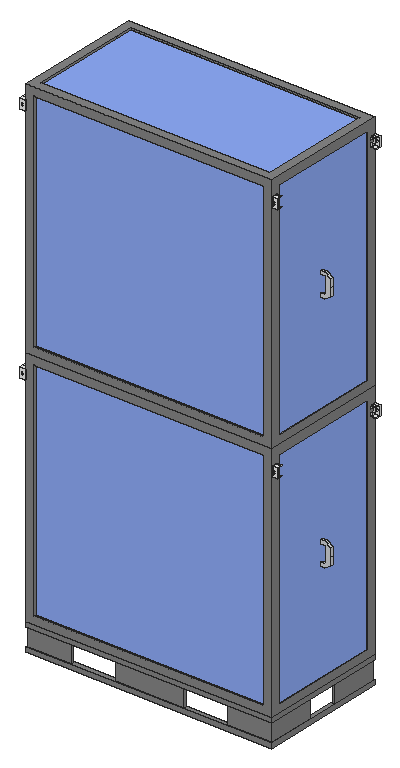
Revit family "14.1 Секция смешения двухэтажная ANR S2", category Оборудование, Revit 2016
Family settings
  Тип детали = Нормальный
  Размер круглого соединителя = Использовать диаметр
  На основе рабочей плоскости = Нет
  Всегда вертикально = Да
  При загрузке вырезать с полостями = Нет
  Общий = Нет
  Точка расчета площади = Нет
Parameters (values of type "ANR 6 S2")
  центр = Середина / 2  # 538.25 mm
  Ширина = А1 - 56 mm  # 1024 mm
  Синий = Синий
  Середина = Б / 2  # 1076.5 mm
  Д1 = Д - 20 mm  # 555 mm
  Д = 575 mm
  ножки(да/нет) [instance] = no
  Высота = Б1 - 56 mm  # 1000.5 mm
  Б1 = Середина - 20 mm  # 1056.5 mm
  А1 = А - 20 mm  # 1080 mm
  А = 1100 mm
  высота ножек = 120 mm
  Б = 2153 mm
  Частотный преобразователь [instance] = no
  Частота вращения n, об/мин = ""
  Тип, марка, обозначение = "ANR 6 S2"
  Сила тока J, А = ""
  Регулятор расхода [instance] = no
  Раздел = "ОВ"
  Примечание = ""
  Позиция = ""
  Напряжение U,В = ""
  Наименование и тех.хар-ка = "Секция смешения двухэтажная"  # constant formula
  Мощность двигателя N,Вт = ""
  Материал = Сталь серая
  Масса единицы = ""
  Код, оборудования = ""
  Ключевая пометка = "Вентиляция"
  Задание электрикам [instance] = no
  Задание автоматчикам [instance] = no
  Завод изготовитель = "KORF"  # constant formula
  Единица измерения = "шт."  # constant formula
  h = высота ножек + 10 mm  # 130 mm
Types (6, lengths in mm): name | центр | Ширина | Середина | Д1 | Д | Высота | Б1 | А1 | А | Б | Тип, марка, обозначение
  ANR 6 S2 | 538.25 | 1024 | 1076.5 | 555 | 575 | 1000.5 | 1056.5 | 1080 | 1100 | 2153 | "ANR 6 S2"
  ANR 7 S2 | 648.25 | 1024 | 1296.5 | 555 | 575 | 1220.5 | 1276.5 | 1080 | 1100 | 2593 | "ANR 7 S2"
  ANR 8 S2 | 648.25 | 1244 | 1296.5 | 555 | 575 | 1220.5 | 1276.5 | 1300 | 1320 | 2593 | "ANR 8 S2"
  ANR 12 S2 | 705.75 | 1359 | 1411.5 | 1080 | 1100 | 1335.5 | 1391.5 | 1415 | 1435 | 2823 | "ANR 12 S2"
  ANR 20 S2 | 818.25 | 1584 | 1636.5 | 1080 | 1100 | 1560.5 | 1616.5 | 1640 | 1660 | 3273 | "ANR 20 S2"
  ANR 25 S2 | 1010.75 | 1969 | 2021.5 | 1080 | 1100 | 1945.5 | 2001.5 | 2025 | 2045 | 4043 | "ANR 25 S2"
Reference planes
  plane 1 "По центру (Вперед/Назад)": y = 0
  plane 2: z = 0
  plane 3 "По центру (Влево/Вправо)": x = 0
  plane 4: x = -540
  plane 5: x = 540
  plane 6: y = 277.5
  plane 7: y = -277.5
  plane 8: z = 1186.5
  plane 9: z = 130
  plane 10: y = -70.418
  plane 11: z = 1196.5
  plane 12: x = 590
  plane 13: y = 70.418
  plane 14: z = 120
  plane 15: z = 1086.5
  plane 16: z = 2273
  plane 17: z = 658.25
  plane 18: z = 605.22
  plane 19: z = 2263
  plane 20: z = 1206.5
  plane 21: z = 2163
  plane 22: z = 1734.75
  plane 23: z = 1681.75
Forms (mm)
  Extrusion 1, solid, material "Синий" <- "Синий", detail levels fine
    sketch origin (0, 0, 50) x (1, 0, 0) y (0, 1, 0)
      loop
        line (-540, 277.5) -> (-540, -277.5) -> (540, -277.5) -> (540, 277.5) -> (-540, 277.5)
    from 80 to 1136.5
  Sweep 2, solid, material "Сталь серая" <- "Материал", detail levels fine
    path origin (540, -277.5, 50) x (-1, 0, 0) y (0, 0, -1)
      loop
        line (0, -1136.5) -> (1080, -1136.5) -> (1080, -80) -> (0, -80) -> (0, -1136.5)
    profile "Профиль уголок 10х10 : Профиль уголок 10х10" origin (0, -277.5, 1186.5) x (0, 0, -1) y (0, -1, 0)
      loop
        line (0, -27.5) -> (0, 0) -> (27.5, 0) -> (27.5, 10) -> (-10, 10) -> (-10, -27.5) -> (0, -27.5)
  Sweep 3, solid, material "Сталь серая" <- "Материал", detail levels fine
    path origin (-540, 277.5, 50) x (1, 0, 0) y (0, 0, -1)
      loop
        line (0, -1136.5) -> (1080, -1136.5) -> (1080, -80) -> (0, -80) -> (0, -1136.5)
    profile "Профиль уголок 10х10 : Профиль уголок 10х10" origin (0, 277.5, 1186.5) x (0, 0, -1) y (0, 1, 0)
      loop
        line (0, -27.5) -> (0, 0) -> (27.5, 0) -> (27.5, 10) -> (-10, 10) -> (-10, -27.5) -> (0, -27.5)
  Sweep 4, solid, material "Сталь серая" <- "Материал", detail levels fine
    path origin (540, 277.5, 50) x (0, -1, 0) y (0, 0, -1)
      loop
        line (0, -1136.5) -> (555, -1136.5) -> (555, -80) -> (0, -80) -> (0, -1136.5)
    profile "Профиль уголок 10х10 : Профиль уголок 10х10" origin (540, 0, 1186.5) x (0, 0, -1) y (1, 0, 0)
      loop
        line (0, -27.5) -> (0, 0) -> (27.5, 0) -> (27.5, 10) -> (-10, 10) -> (-10, -27.5) -> (0, -27.5)
  Sweep 5, solid, material "Сталь серая" <- "Материал", detail levels fine
    path origin (-540, -277.5, 50) x (0, 1, 0) y (0, 0, -1)
      loop
        line (0, -1136.5) -> (555, -1136.5) -> (555, -80) -> (0, -80) -> (0, -1136.5)
    profile "Профиль уголок 10х10 : Профиль уголок 10х10" origin (-540, 0, 1186.5) x (0, 0, -1) y (-1, 0, 0)
      loop
        line (0, -27.5) -> (0, 0) -> (27.5, 0) -> (27.5, 10) -> (-10, 10) -> (-10, -27.5) -> (0, -27.5)
  Extrusion 6, void, not visible
    sketch origin (-345, -245, 50) x (0, -1, 0) y (0, 0, -1)
      loop
        line (-477.965, -475) -> (-477.965, -450) -> (-528.913, -450) -> (-528.913, -475) -> (-477.965, -475)
    from -47.452 to 12
  Sweep 7, solid, material "Сталь серая" <- "Материал", detail levels fine
    path origin (0, 0, 0) x (1, 0, 0) y (0, 1, 0)
      loop
        line (-540, 277.5) -> (-540, -277.5) -> (540, -277.5) -> (540, 277.5) -> (-540, 277.5)
    profile "Семейство1 : Семейство1" origin (0, 277.5, 0) x (0, 1, 0) y (0, 0, 1)
      loop
        line (-10, 120) -> (-10, 100) -> (-3.38, 100) -> (-3.38, 20) -> (-10, 20) -> (-10, 0) -> (10, 0) -> (10, 20) -> (3.38, 20) -> (3.38, 100) -> (10, 100) -> (10, 120) -> (-10, 120)
  Extrusion 8, void
    sketch origin (0, 0, 0) x (1, 0, 0) y (0, 0, 1)
      loop
        line (152.369, 100) -> (152.369, 20) -> (348.798, 20) -> (348.798, 100) -> (152.369, 100)
      loop
        line (-152.369, 100) -> (-348.798, 100) -> (-348.798, 20) -> (-152.369, 20) -> (-152.369, 100)
    from -287.5 to 287.5
  Extrusion 9, void
    sketch origin (0, 0, 0) x (0, 1, 0) y (0, 0, 1)
      loop
        line (-70.418, 100) -> (-70.418, 20) -> (70.418, 20) -> (70.418, 100) -> (-70.418, 100)
    from -550 to 1700
  Extrusion 10, solid, material "Синий" <- "Синий", detail levels fine
    sketch origin (0, 0, 1130) x (1, 0, 0) y (0, 1, 0)
      loop
        line (-540, 277.5) -> (-540, -277.5) -> (540, -277.5) -> (540, 277.5) -> (-540, 277.5)
    from 76.5 to 1133
  Sweep 11, solid, material "Сталь серая" <- "Материал", detail levels fine
    path origin (540, -277.5, 1130) x (-1, 0, 0) y (0, 0, -1)
      loop
        line (0, -1133) -> (1080, -1133) -> (1080, -76.5) -> (0, -76.5) -> (0, -1133)
    profile "Профиль уголок 10х10 : Профиль уголок 10х10" origin (0, -277.5, 2263) x (0, 0, -1) y (0, -1, 0)
      loop
        line (0, -27.5) -> (0, 0) -> (27.5, 0) -> (27.5, 10) -> (-10, 10) -> (-10, -27.5) -> (0, -27.5)
  Sweep 12, solid, material "Сталь серая" <- "Материал", detail levels fine
    path origin (-540, 277.5, 1130) x (1, 0, 0) y (0, 0, -1)
      loop
        line (0, -1133) -> (1080, -1133) -> (1080, -76.5) -> (0, -76.5) -> (0, -1133)
    profile "Профиль уголок 10х10 : Профиль уголок 10х10" origin (0, 277.5, 2263) x (0, 0, -1) y (0, 1, 0)
      loop
        line (0, -27.5) -> (0, 0) -> (27.5, 0) -> (27.5, 10) -> (-10, 10) -> (-10, -27.5) -> (0, -27.5)
  Sweep 13, solid, material "Сталь серая" <- "Материал", detail levels fine
    path origin (540, 277.5, 1130) x (0, -1, 0) y (0, 0, -1)
      loop
        line (0, -1133) -> (555, -1133) -> (555, -76.5) -> (0, -76.5) -> (0, -1133)
    profile "Профиль уголок 10х10 : Профиль уголок 10х10" origin (540, 0, 2263) x (0, 0, -1) y (1, 0, 0)
      loop
        line (0, -27.5) -> (0, 0) -> (27.5, 0) -> (27.5, 10) -> (-10, 10) -> (-10, -27.5) -> (0, -27.5)
  Sweep 14, solid, material "Сталь серая" <- "Материал", detail levels fine
    path origin (-540, -277.5, 1130) x (0, 1, 0) y (0, 0, -1)
      loop
        line (0, -1133) -> (555, -1133) -> (555, -76.5) -> (0, -76.5) -> (0, -1133)
    profile "Профиль уголок 10х10 : Профиль уголок 10х10" origin (-540, 0, 2263) x (0, 0, -1) y (-1, 0, 0)
      loop
        line (0, -27.5) -> (0, 0) -> (27.5, 0) -> (27.5, 10) -> (-10, 10) -> (-10, -27.5) -> (0, -27.5)
Cuts and joins
  joined: Sweep 2, Sweep 3, Sweep 4, Sweep 5
  Extrusion 8, Extrusion 9 cuts Sweep 7
  joined: Sweep 11, Sweep 12, Sweep 13, Sweep 14
Lines and regions (mm)
  model lines, detail levels coarse
    curve 1: line (-550, 287.5, 0) -> (550, 287.5, 0)
    curve 2: line (-550, -287.5, 0) -> (-550, 287.5, 0)
    curve 3: line (550, -287.5, 0) -> (-550, -287.5, 0)
    curve 4: line (550, 287.5, 0) -> (550, -287.5, 0)
  model lines, detail levels medium
    curve 5: line (0, 287.5, 2273) -> (0, -287.5, 2273)
    curve 6: line (0, 287.5, 1196.5) -> (0, 287.5, 2273)
    curve 7: line (0, -287.5, 1196.5) -> (0, 287.5, 1196.5)
    curve 8: line (0, -287.5, 2273) -> (0, -287.5, 1196.5)
    curve 9: line (0, 287.5, 1196.5) -> (0, -287.5, 1196.5)
    curve 10: line (0, 287.5, 120) -> (0, 287.5, 1196.5)
    curve 11: line (0, -287.5, 120) -> (0, 287.5, 120)
    curve 12: line (0, -287.5, 1196.5) -> (0, -287.5, 120)
Dimensions and locks
  equal spacing: plane 6, plane 1 "По центру (Вперед/Назад)", plane 7
  "Д1": plane 6 to plane 7
  equal spacing: plane 4, plane 3 "По центру (Влево/Вправо)", plane 5
  "А1": plane 4 to plane 5
  "h": plane 9 to level
  cut or joined group of Sweep 2, Sweep 3, Sweep 4, Sweep 5 to level = 120 mm
  locked: plane 3 "По центру (Влево/Вправо)" to cut or joined group of Sweep 7, Extrusion 8, Extrusion 9 at 152.369
  locked: cut or joined group of Sweep 7, Extrusion 8, Extrusion 9 to plane 3 "По центру (Влево/Вправо)" at 152.369
  locked: plane 12 to plane 5 at 50
  plane 1 "По центру (Вперед/Назад)" to plane 7 = 277.5 mm
  plane 6 to plane 1 "По центру (Вперед/Назад)" = 277.5 mm
  equal spacing: plane 10, plane 1 "По центру (Вперед/Назад)", plane 13, locked at 70.418 each
  locked: plane 9 to plane 14 at 10
  "Б1": plane 8 to plane 9
  locked: plane 8 to plane 15 at 100
  "Б": plane 16 to plane 14
  "Середина": plane 11 to plane 14
  "центр": plane 17 to plane 14
  locked: plane 17 to plane 18 at 53.03
  "Б1": plane 19 to plane 20
  locked: plane 19 to plane 21 at 100
  locked: plane 20 to plane 8 at 20
  "центр": plane 22 to plane 11
  locked: plane 22 to plane 23 at 53
  cut or joined group of Sweep 11, Sweep 12, Sweep 13, Sweep 14 to Extrusion 10 = 27.5 mm
  aligned and locked: level to plane 2
  aligned and locked: plane 6 to Extrusion 1
  aligned and locked: plane 5 to Extrusion 1
  aligned and locked: Extrusion 1 to plane 7
  aligned and locked: Extrusion 1 to plane 4
  aligned and locked: plane 8 to Extrusion 1
  aligned and locked: Extrusion 1 to plane 9
  aligned and locked: Sweep 4 sketch curve to Extrusion 1  (x2)
  aligned and locked: Sweep 5 sketch curve to Extrusion 1  (x2)
  aligned and locked: Sweep 7 sketch curve to Extrusion 1  (x4)
  aligned and locked: Sweep 7 to Extrusion 8  (x2)
  aligned and locked: cut or joined group of Sweep 2, Sweep 3, Sweep 4, Sweep 5 to Extrusion 9
  aligned and locked: nested 3 to cut or joined group of Sweep 2, Sweep 3, Sweep 4, Sweep 5  (x2)
  aligned and locked: cut or joined group of Sweep 2, Sweep 3, Sweep 4, Sweep 5 to nested 4  (x2)
  aligned and locked: cut or joined group of Sweep 2, Sweep 3, Sweep 4, Sweep 5 to nested 3
  aligned and locked: cut or joined group of Sweep 2, Sweep 3, Sweep 4, Sweep 5 to nested 6
  aligned and locked: nested 5 to cut or joined group of Sweep 2, Sweep 3, Sweep 4, Sweep 5
  aligned and locked: nested 2 to plane 12
  aligned and locked: nested 6 to cut or joined group of Sweep 2, Sweep 3, Sweep 4, Sweep 5
  aligned and locked: cut or joined group of Sweep 2, Sweep 3, Sweep 4, Sweep 5 to nested 5
  aligned and locked: plane 1 "По центру (Вперед/Назад)" to nested 2
  aligned and locked: plane 10 to Extrusion 9 sketch curve
  aligned and locked: plane 13 to Extrusion 9 sketch curve
  aligned and locked: plane 15 to nested 5
  aligned and locked: nested 6 to plane 15
  aligned and locked: nested 3 to plane 15
  aligned and locked: plane 15 to nested 4
  aligned and locked: plane 18 to nested 2
  aligned and locked: plane 19 to Extrusion 10
  aligned and locked: Extrusion 10 to plane 20
  aligned and locked: Sweep 13 sketch curve to Extrusion 10  (x2)
  aligned and locked: Sweep 14 sketch curve to Extrusion 10  (x2)
  aligned and locked: plane 21 to nested 10
  aligned and locked: nested 11 to plane 21
  aligned and locked: nested 8 to plane 21
  aligned and locked: plane 21 to nested 9
  aligned and locked: nested 7 to plane 12
  aligned and locked: plane 23 to nested 7
  aligned and locked: nested 11 to cut or joined group of Sweep 11, Sweep 12, Sweep 13, Sweep 14  (x2)
  aligned and locked: cut or joined group of Sweep 11, Sweep 12, Sweep 13, Sweep 14 to nested 10  (x2)
  aligned and locked: nested 8 to cut or joined group of Sweep 11, Sweep 12, Sweep 13, Sweep 14  (x2)
  aligned and locked: cut or joined group of Sweep 11, Sweep 12, Sweep 13, Sweep 14 to nested 9  (x2)
  aligned and locked: curve 1 to cut or joined group of Sweep 2, Sweep 3, Sweep 4, Sweep 5
  aligned and locked: curve 2 to cut or joined group of Sweep 2, Sweep 3, Sweep 4, Sweep 5
  aligned and locked: curve 3 to cut or joined group of Sweep 7, Extrusion 8, Extrusion 9
  aligned and locked: curve 4 to cut or joined group of Sweep 2, Sweep 3, Sweep 4, Sweep 5
  aligned and locked: curve 5 to cut or joined group of Sweep 11, Sweep 12, Sweep 13, Sweep 14
  aligned and locked: curve 6 to cut or joined group of Sweep 11, Sweep 12, Sweep 13, Sweep 14
  aligned and locked: curve 7 to cut or joined group of Sweep 2, Sweep 3, Sweep 4, Sweep 5
  aligned and locked: curve 8 to cut or joined group of Sweep 2, Sweep 3, Sweep 4, Sweep 5
  aligned and locked: curve 9 to curve 7
  aligned and locked: curve 10 to curve 6
  aligned and locked: curve 11 to cut or joined group of Sweep 2, Sweep 3, Sweep 4, Sweep 5
  aligned and locked: curve 12 to cut or joined group of Sweep 2, Sweep 3, Sweep 4, Sweep 5
Automatic sketch dimensions
  Extrusion 6 sketch curve to Extrusion 6 sketch curve = 50.949 mm
  Extrusion 6 sketch curve to Extrusion 6 sketch curve = 25 mm
  Extrusion 1 sketch curve to plane 4 = 0 mm
  Extrusion 1 sketch curve to plane 5 = 0 mm
  Extrusion 1 sketch curve to plane 7 = 0 mm
  Extrusion 1 sketch curve to plane 6 = 0 mm
  Sweep 2 sketch curve to Extrusion 1 = 0 mm  (x4)
  Sweep 3 sketch curve to Extrusion 1 = 0 mm  (x3)
  Extrusion 1 to Sweep 3 sketch curve = 0 mm
  Sweep 4 sketch curve to Extrusion 1 = 0 mm  (x2)
  Sweep 5 sketch curve to Extrusion 1 = 0 mm  (x2)
  plane 14 to Extrusion 8 sketch curve = 20 mm  (x2)
  plane 4 to Extrusion 8 sketch curve = 191.202 mm
  level to Extrusion 8 sketch curve = 20 mm  (x2)
  Extrusion 8 sketch curve to plane 3 "По центру (Влево/Вправо)" = 152.369 mm
  plane 3 "По центру (Влево/Вправо)" to Extrusion 8 sketch curve = 152.369 mm
  Extrusion 8 sketch curve to plane 5 = 191.202 mm
  level to Extrusion 9 sketch curve = 20 mm
  plane 14 to Extrusion 9 sketch curve = 20 mm
  Extrusion 10 sketch curve to plane 4 = 0 mm
  Extrusion 10 sketch curve to plane 5 = 0 mm
  Extrusion 10 sketch curve to plane 7 = 0 mm
  Extrusion 10 sketch curve to plane 6 = 0 mm
  Sweep 11 sketch curve to Extrusion 10 = 0 mm  (x4)
  Sweep 12 sketch curve to Extrusion 10 = 0 mm  (x3)
  Extrusion 10 to Sweep 12 sketch curve = 0 mm
  Sweep 13 sketch curve to Extrusion 10 = 0 mm  (x2)
  Sweep 14 sketch curve to Extrusion 10 = 0 mm  (x2)
Nested families
  nested 1: "крепление 15мм" at (-330, 229.965, 495), type "крепление 15мм", not visible
  nested 2: "Ручка" at (552.018, -10, 662.928), type "Ручка", detail levels fine
  nested 3: "крепеж" at (574.5, -287.5, 1086.5) x (-1, 0, 0) z (0, 0, 1), type "крепеж", detail levels fine
  nested 4: "крепеж" at (574.5, 287.5, 1086.5) x (-1, 0, 0) z (0, 0, 1), type "крепеж", detail levels fine
  nested 5: "крепеж" at (-574.5, -287.5, 1086.5), type "крепеж", detail levels fine
  nested 6: "крепеж" at (-574.5, 287.5, 1086.5), type "крепеж", detail levels fine
  nested 7: "Ручка" at (552.018, -10, 1739.458), type "Ручка", detail levels fine
  nested 8: "крепеж" at (574.5, -287.5, 2163) x (-1, 0, 0) z (0, 0, 1), type "крепеж", detail levels fine
  nested 9: "крепеж" at (574.5, 287.5, 2163) x (-1, 0, 0) z (0, 0, 1), type "крепеж", detail levels fine
  nested 10: "крепеж" at (-574.5, -287.5, 2163), type "крепеж", detail levels fine
  nested 11: "крепеж" at (-574.5, 287.5, 2163), type "крепеж", detail levels fine
Connectors
  hvac at (0, -287.5, 658.25), driven by "Ширина", driven by "Высота"
    settings: on cut or joined group of Sweep 2, Sweep 3, Sweep 4, Sweep 5, index 1, duct flow 0.0 L/s, flow factor 0, pres drop 0.0 Pa, loss coef 0, conn angle 0.00°, conn width 1024 mm, conn height 1000.5 mm, conn diameter 609.6 mm, duct sys type 28, conn prof type 1, flow config 0, flow direction 0, loss method 0, conn ref index -1, conn util no, is conn primary yes, conn desc ""
  hvac at (0, -287.5, 1734.75), driven by "Ширина", driven by "Высота"
    settings: on cut or joined group of Sweep 11, Sweep 12, Sweep 13, Sweep 14, index 2, duct flow 0.0 L/s, flow factor 0, pres drop 0.0 Pa, loss coef 0, conn angle 0.00°, conn width 1024 mm, conn height 1000.5 mm, conn diameter 609.6 mm, duct sys type 28, conn prof type 1, flow config 0, flow direction 0, loss method 0, conn ref index -1, conn util no, is conn primary no, conn desc ""
  hvac at (0, 287.5, 1734.75), driven by "Ширина", driven by "Высота"
    settings: on cut or joined group of Sweep 11, Sweep 12, Sweep 13, Sweep 14, index 3, duct flow 0.0 L/s, flow factor 0, pres drop 0.0 Pa, loss coef 0, conn angle 0.00°, conn width 1024 mm, conn height 1000.5 mm, conn diameter 609.6 mm, duct sys type 28, conn prof type 1, flow config 0, flow direction 0, loss method 0, conn ref index -1, conn util no, is conn primary no, conn desc ""
  hvac at (0, 287.5, 658.25), driven by "Ширина", driven by "Высота"
    settings: on cut or joined group of Sweep 2, Sweep 3, Sweep 4, Sweep 5, index 4, duct flow 0.0 L/s, flow factor 0, pres drop 0.0 Pa, loss coef 0, conn angle 0.00°, conn width 1024 mm, conn height 1000.5 mm, conn diameter 609.6 mm, duct sys type 28, conn prof type 1, flow config 0, flow direction 0, loss method 0, conn ref index -1, conn util no, is conn primary no, conn desc ""
Definition of nested family "крепление 15мм"
  Parameters (values of type "крепление 15мм")
    Материал крепления = none
  Reference planes
    plane 1 "По центру (Вперед/Назад)": y = 0
    plane 2: z = 0
    plane 3 "По центру (Влево/Вправо)": x = 0
  Forms (mm)
    Extrusion 1, solid, material <- "Материал крепления"
      sketch origin (0, 0, 0) x (1, 0, 0) y (0, 1, 0)
        loop
          line (-25, 0) -> (0, 0) -> (0, 18.31) -> (0, 25) -> (-3, 25) -> (-3, 3) -> (-25, 3) -> (-25, 0)
      from 0 to 30
    Extrusion 2, void
      sketch origin (0, 0, 0) x (1, 0, 0) y (0, 1, 0)
        loop
          line (-3, 3) -> (-3, 54.96) -> (-58, 54.96) -> (-58, 3) -> (-3, 3)
      from 0 to 15
  Cuts and joins
    Extrusion 2 cuts Extrusion 1
  Dimensions and locks
    Extrusion 1 sketch curve to Extrusion 1 sketch curve = 3 mm  (x2)
    Extrusion 1 sketch curve to Extrusion 1 sketch curve to plane 3 "По центру (Влево/Вправо)" = 25 mm, 0 mm
    Extrusion 1 sketch curve to Extrusion 1 sketch curve = 25 mm
    aligned and locked: level to plane 2
Definition of nested family "Ручка"
  Parameters (values of type "Ручка")
    материал ручки = none
  Reference planes
    plane 1 "По центру (Вперед/Назад)": y = 0
    plane 2: z = 0
    plane 3 "По центру (Влево/Вправо)": x = 0
    plane 4: x = -37.982
    plane 5: x = 37.982
  Forms (mm)
    Extrusion 1, solid, material <- "материал ручки", not visible
      sketch origin (-3.982, 0, -4.834) x (0, 0, 1) y (-1, 0, 0)
        loop
          line (-52.874, -42.815) -> (53.726, -42.815) -> (53.726, 8.783) -> (36.069, 34) -> (1.069, 34) -> (-36.069, 34) -> (-52.874, 10) -> (-52.874, -42.815)
      from 0 to 10
    Extrusion 2, void, not visible
      sketch origin (-3.982, 0, -4.834) x (0, 0, 1) y (-1, 0, 0)
        loop
          line (-37.219, -42.815) -> (37.781, -42.815) -> (37.781, 20.04) -> (-37.219, 20.04) -> (-37.219, -42.815)
      from 0 to 50
    Extrusion 3, solid, material <- "материал ручки"
      sketch origin (3.982, 0, -4.834) x (0, 0, 1) y (-1, 0, 0)
        loop
          line (-52.874, 42.815) -> (-52.874, -10) -> (-36.069, -34) -> (1.069, -34) -> (36.069, -34) -> (53.726, -8.783) -> (53.726, 42.815) -> (-52.874, 42.815)
      from 0 to 10
    Extrusion 4, void
      sketch origin (3.982, 0, -4.834) x (0, 0, 1) y (-1, 0, 0)
        loop
          line (-37.219, 42.815) -> (-37.219, -11.018) -> (37.781, -11.018) -> (37.781, 42.815) -> (-37.219, 42.815)
      from 0 to 50
  Cuts and joins
    Extrusion 4 cuts Extrusion 3
  Dimensions and locks
    aligned and locked: level to plane 2
Definition of nested family "крепеж"
  Parameters (values of type "крепеж")
    Материал крепежа = none
  Reference planes
    plane 1 "По центру (Вперед/Назад)": y = 0
    plane 2: z = 0
    plane 3 "По центру (Влево/Вправо)": x = 0
    plane 4: x = 24.5
    plane 5: z = 22.413
  Forms (mm)
    Extrusion 1, solid, material <- "Материал крепежа"
      sketch origin (0, 0, 0) x (0, 1, 0) y (0, 0, 1)
        loop
          line (0, 44.825) -> (-16.343, 44.825) -> (-24.468, 44.825) -> (-24.468, 42.95) -> (-1.968, 42.95) -> (-1.968, 1.657) -> (-24.468, 1.657) -> (-24.468, 0) -> (-16.343, 0) -> (0, 0) -> (0, 44.825)
      from 0 to 24.5
    Extrusion 2, void
      sketch origin (0.625, 0, -0.625) x (1, 0, 0) y (0, 0, 1)
        loop
          circle (11.121, 22.873) r 5
      from 0 to 250
    Extrusion 3, solid, material <- "Материал крепежа"
      sketch origin (0, 0, 0.175) x (1, 0, 0) y (0, 0, 1)
        loop
          line (24.5, 44.651) -> (22.651, 44.651) -> (22.651, -0.175) -> (24.5, -0.175) -> (24.5, 44.651)
      from 0 to 24.468
    Extrusion 4, void
      sketch origin (0, 0, 0) x (0, 1, 0) y (0, 0, 1)
        loop
          line (-24.468, 28.943) -> (-24.468, 15.882) -> (-9.468, 15.882) -> (-9.468, 28.943) -> (-24.468, 28.943)
      from 0 to 250
    Blend 5, solid
      base sketch origin (0, 0, 0) x (0, 1, 0) y (0, 0, 1)
        loop
          circle (-15.104, 36.823) r 4.161
      top sketch origin (0, 0, 0) x (0, 1, 0) y (0, 0, 1)
        loop
          circle (-15.104, 36.823) r 2.994
      from 22.651 to 19.241
    Blend 6, solid
      base sketch origin (0, 0, 44.825) x (0, 1, 0) y (0, 0, 1)
        loop
          circle (-15.104, -36.823) r 4.161
      top sketch origin (0, 0, 44.825) x (0, 1, 0) y (0, 0, 1)
        loop
          circle (-15.104, -36.823) r 2.994
      from 22.651 to 19.241
  Cuts and joins
    Extrusion 2, Extrusion 4 cuts Extrusion 1
    Extrusion 4 cuts Extrusion 3
    joined: Extrusion 1, Extrusion 3
  Dimensions and locks
    plane 3 "По центру (Влево/Вправо)" to plane 4 = 24.5 mm
    equal spacing: cut or joined group of Extrusion 1, Extrusion 2, Extrusion 3, Extrusion 4, plane 5, cut or joined group of Extrusion 1, Extrusion 2, Extrusion 3, Extrusion 4
    equal spacing: Extrusion 4 sketch curve, plane 5, Extrusion 4 sketch curve
    aligned and locked: level to plane 2
    aligned and locked: plane 4 to Extrusion 1
    aligned and locked: cut or joined group of Extrusion 1, Extrusion 2, Extrusion 3, Extrusion 4 to cut or joined group of Extrusion 1, Extrusion 2, Extrusion 3, Extrusion 4  (x3)
    aligned and locked: cut or joined group of Extrusion 1, Extrusion 2, Extrusion 3, Extrusion 4 to Blend 5
  Automatic sketch dimensions
    Extrusion 1 sketch curve to level = 0 mm
    Extrusion 1 sketch curve to plane 1 "По центру (Вперед/Назад)" = 0 mm
    plane 1 "По центру (Вперед/Назад)" to Extrusion 1 sketch curve = 1.968 mm
    Extrusion 1 sketch curve to Extrusion 1 sketch curve = 14.375 mm  (x2)
    level to Extrusion 1 sketch curve = 1.657 mm
    Extrusion 1 sketch curve to Extrusion 1 sketch curve = 8.125 mm  (x2)
    plane 5 to Extrusion 1 sketch curve = 20.538 mm
    Extrusion 1 sketch curve to Extrusion 1 sketch curve = 1.875 mm
    Extrusion 2 sketch curve to plane 5 = 0.165 mm
    plane 3 "По центру (Влево/Вправо)" to Extrusion 2 sketch curve = 11.746 mm
    Extrusion 3 sketch curve to level = 0 mm
    Extrusion 3 sketch curve to plane 4 = 0 mm
    Extrusion 3 sketch curve to Extrusion 3 sketch curve = 1.849 mm
    plane 5 to Extrusion 3 sketch curve = 22.413 mm
    Extrusion 4 sketch curve to plane 5 = 6.531 mm
    plane 1 "По центру (Вперед/Назад)" to Extrusion 4 sketch curve = 24.468 mm
    plane 1 "По центру (Вперед/Назад)" to Extrusion 4 sketch curve = 9.468 mm
    plane 1 "По центру (Вперед/Назад)" to Blend 5 sketch curve = 15.104 mm  (x2)
    plane 5 to Blend 5 sketch curve = 14.41 mm  (x2)
    Blend 6 sketch curve to plane 1 "По центру (Вперед/Назад)" = 15.104 mm  (x2)
    Blend 6 sketch curve to level = 8.002 mm  (x2)
    radius of Extrusion 2 sketch curve = 5 mm
    radius of Blend 5 sketch curve = 4.161 mm
    radius of Blend 5 sketch curve = 2.994 mm
    radius of Blend 6 sketch curve = 4.161 mm
    radius of Blend 6 sketch curve = 2.994 mm
